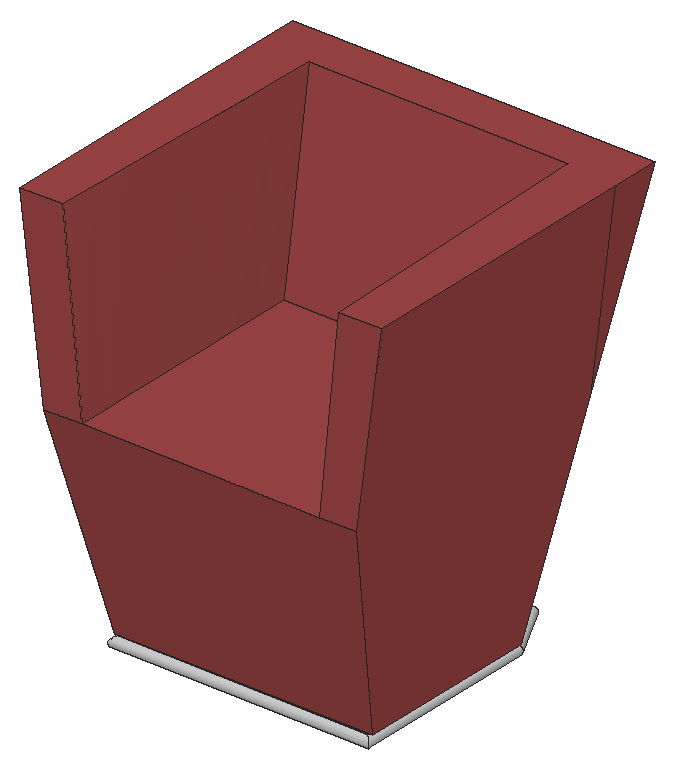
Revit family "FU_Inspec_Area_6-1", category Furniture, Revit 2020
Family settings
  OmniClass Number = 23.40.20.00
  OmniClass Title = General Furniture and Specialties
  Work Plane-Based = No
  Always vertical = Yes
  Cut with Voids When Loaded = No
  Shared = No
  Room Calculation Point = No
Parameters (values of type "Fabric - Red")
  URL = "https://inspecfurniture.com/product-details/area-6-1/"
  Seat Material = Fabric - Red
  Model = "area 6.1"
  Manufacturer = "Inspec"  # constant formula
  Legs Material = Metal - Chrome - Polished
  Keynote = "46.B"
  Description = "Upholstered easy chair with powder coated or chromium plated cast aluminium sled base, and shell of fibre board with highly resilient polyurethane foam."
  Default Elevation = 0 mm
  Content Author = "AEC AB"  # constant formula
  Assembly Code = "E2020"
Types (4, lengths in mm): name | Seat Material
  Fabric - Grey | Fabric - Grey
  Fabric - Red | Fabric - Red
  Fabric - Yellow | Fabric - Yellow - Bright
  Fabric - Beige | Fabric - Beige
Reference planes
  plane 1 "Center (Front/Back)": y = 0
  plane 2: z = 0
  plane 3 "Center (Left/Right)": x = 0
  plane 4 "Ref_seat": z = 451.171
  plane 5 "Back": y = 342.663
  plane 6 "Front": y = -337.337
  plane 7 "Right": x = -359.904
  plane 8 "Left": x = 359.904
  plane 9 "R Side angle Front": through (-359.904, -1524, 829.904) normal (0.992, 0, 0.1261)
  plane 10 "L Side Angle Front": through (359.904, -1524, 829.904) normal (0.992, 0, -0.1261)
  plane 11: z = 829.904
  plane 12 "Bottom": z = 22.95
  plane 13 "Right Inner Arm Top": x = -298.848
  plane 14 "Right Inner Arm Bottom": x = -237.802
  plane 15 "Bottom Edge Right": x = -257.333
  plane 16 "Bottom Edge Left": x = 257.333
  plane 17 "Front Bottom": y = -229.833
  plane 18 "Back Bottom": y = 137.333
  plane 19 "Leftt Inner Arm Bottom": x = 237.802
  plane 20 "Left Inner Arm Top": x = 298.848
  plane 21 "Seat Back Top": y = 246.294
  plane 22 "Right Inner Arm Back": x = -275.725
  plane 23 "Left Inner Arm Back": x = 275.725
  plane 24 "Arms Inner Back Top": y = 254.025
  plane 25 "Seat Top Right": x = -311.764
  plane 26 "Seat Top Left": x = 311.764
Forms (mm)
  Sweep 1, solid, material "Metal - Chrome - Polished" <- "Legs Material"
    path origin (0, 0, 0) x (1, 0, 0) y (0, 1, 0)
      loop
        line (-193.298, 241.342) -> (-249.003, 136.575) -> (-249.003, -232.163) -> (249.003, -232.163) -> (249.003, 136.575) -> (193.298, 241.342) -> (-193.298, 241.342)
    profile origin (0, 241.342, 0) x (0, 1, 0) y (0, 0, 1)
      loop
        circle (0, 11) r 11
  Blend 2, solid, material "Fabric - Red" <- "Seat Material"
    base sketch origin (0, 0, 22.95) x (-1, 0, 0) y (0, -1, 0)
      loop
        line (257.333, 229.833) -> (-257.333, 229.833) -> (-257.333, -137.333) -> (257.333, -137.333) -> (257.333, 229.833)
    top sketch origin (0, 0, 451.171) x (-1, 0, 0) y (0, -1, 0)
      loop
        line (311.764, -246.294) -> (311.764, 337.337) -> (-311.764, 337.337) -> (-311.764, -246.294) -> (311.764, -246.294)
    from 0 to 0
  Blend 3, solid, material "Fabric - Red" <- "Seat Material"
    base sketch origin (0, 0, 451.171) x (-1, 0, 0) y (0, -1, 0)
      loop
        line (311.764, 337.337) -> (237.802, 337.337) -> (237.802, -165.691) -> (-237.802, -165.691) -> (-237.802, 337.337) -> (-311.764, 337.337) -> (-311.764, -245.691) -> (311.764, -245.691) -> (311.764, 337.337)
    top sketch origin (0, 0, 451.171) x (-1, 0, 0) y (0, -1, 0)
      loop
        line (359.904, -342.663) -> (359.904, -246.294) -> (359.904, 337.337) -> (275.725, 337.337) -> (257.333, -254.025) -> (-257.333, -254.025) -> (-275.725, 337.337) -> (-359.904, 337.337) -> (-359.904, -246.294) -> (-359.904, -342.663) -> (359.904, -342.663)
    from 0 to 378.733
Cuts and joins
  joined: Blend 2, Blend 3
Dimensions and locks
  locked: plane 6 "Front" to plane 5 "Back" at 680
  locked: plane 7 "Right" to plane 8 "Left" at 719.808
  plane 11 to level = 829.904 mm
  aligned and locked: level to plane 2
